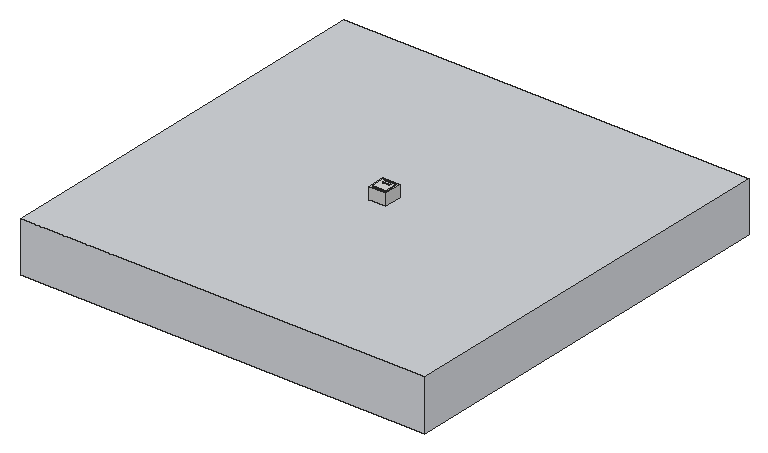
Revit family "Greg- Junction Box- Surface (elev)", category Electrical Equipment, host Face, Revit 2013
Parameters (values of type "Controls (small)")
  Width = 0' - 4"
  Voltage = ""
  Panel Voltage = 120 V
  Number of Poles = 2
  New is 1  Existing is 2 [instance] = 1
  New (N)  Existing (E) [instance] = if(New is 1  Existing is 2 = 1, "(N)", "(E)")  # "(N)"
  built-in parameter 1140081 [instance] = "Surface"
  built-in parameter 1140079 [instance] = 12
  Material = Aluminum 3003-H12
  built-in parameter 1140082 [instance] = 400 (stored number, unit not read)
  built-in parameter 1140140 = 400 (stored number, unit not read)
  Load Classification = Other
  Height = 0' - 4"
  Equip Type [instance] = "Junction Box"
  Equip Rating [instance] = "20A"
  Equip New or Existing [instance] = if(New is 1  Existing is 2 = 1, "NEW", "EXISTING")  # "NEW"
  Equip ID [instance] = "JB-"
  Depth = 0' - 2 3/4"
  Default Elevation = 0' - 0"
  Center Vertical [instance] = 0' - 1 3/4"
  Center Horizontal [instance] = 0' - 2"
  Above Room 'Limit Offset' (Elevation) [instance] = 0' - 0"
Types (6): name | Width | Voltage | New is 1  Existing is 2 | New (N)  Existing (E) | Load Classification | Height | Equip Type | Equip Rating | Equip New or Existing | Equip ID | Depth | Default Elevation | Center Vertical | Above Room 'Limit Offset' (Elevation)
  400A | 0' - 4" | "" | 1 | "(N)" | Other | 0' - 4" | "Junction Box" | "20A" | "NEW" | "JB-" | 0' - 2 3/4" | 1' - 0" | 0' - 1 3/4" | 0' - 0"
  MBS (small) | 1' - 8" | "" | 0 | "(E)" | Other | 1' - 8" | "" | "" | "EXISTING" | "" | 0' - 5 3/4" | 4' - 0" | 0' - 2.05721" | 1' - 0"
  Landing Cabinet / Chase | 4' - 8" | "" | 0 | "(E)" | Power | 1' - 0" | "" | "" | "EXISTING" | "" | 0' - 5 3/4" | 2' - 0" | 0' - 2.05721" | 1' - 0"
  Controls (small) | 0' - 4" | "" | 1 | "(N)" | Other | 0' - 4" | "Junction Box" | "20A" | "NEW" | "JB-" | 0' - 2 3/4" | 0' - 0" | 0' - 1 3/4" | 0' - 0"
  Panel- Recessed | 1' - 8" | "400" | 1 | "(N)" | Power | 3' - 5" | "" | "" | "NEW" | "" | 0' - 0 1/8" | 4' - 0" | 0' - 2.05721" | 1' - 0"
  400A 5 3/4" Deep | 0' - 8" | "400" | 1 | "(N)" | Power | 0' - 8" | "" | "" | "NEW" | "" | 0' - 5 3/4" | 4' - 0" | 0' - 2.05721" | 1' - 0"
Reference planes (in)
  plane 1 "Center (Front/Back)": y = 0
  plane 2: z = 0
  plane 3 "Center (Left/Right)": x = 0
  plane 4: x = -2
  plane 5: x = 2
  plane 6: y = -2
  plane 7: z = 2.75
  plane 8: x = 0
  plane 9: y = 0
  plane 10: y = 2
  plane 11: y = 1.49546
  plane 12: y = 1.16905
  plane 13: y = 0.59375
  plane 14: x = 0.75
  plane 15: x = 1.56273
  plane 16: x = -1.56273
  plane 17: x = -0.75
Forms (in)
  Extrusion 1, solid
    sketch origin (0, 0, 0) x (1, 0, 0) y (0, 1, 0)
      loop
        line (-48, 48) -> (-48, -48) -> (48, -48) -> (48, 48) -> (-48, 48)
    from 0 to -12
  Extrusion 2, solid, material "Aluminum 3003-H12" <- "Material"
    sketch origin (0, 0, 0) x (1, 0, 0) y (0, 1, 0)
      loop
        line (-2, -2) -> (2, -2) -> (2, 2) -> (-2, 2) -> (-2, -2)
    from 0 to 2.75
  Extrusion 3, solid, material "Color- Elec Cabinet Gray"
    sketch origin (0, 15.00454, 0) x (1, 0, 0) y (0, 1, 0)
      loop
        line (-1.56273, -13.50908) -> (-1.56273, -16.57597) -> (1.56273, -16.57597) -> (1.56273, -13.50908) -> (-1.56273, -13.50908)
    from 2.75 to 2.90243
  Extrusion 4, solid
    sketch origin (0.25, 15.3896, -0.25) x (1, 0, 0) y (0, 0, 1)
      loop
        line (0.5, 3.25) -> (-0.97722, 3.25) -> (-0.97722, 3.15243) -> (0.5, 3.15243) -> (0.5, 3.25)
    from 14.22055 to 14.79585
Dimensions and locks (in)
  "Width": plane 4 to plane 5
  "Depth": plane 7 to plane 2
  plane 4 to plane 8 = 0' - 2"
  equal spacing: plane 10, plane 9, plane 6
  equal spacing: plane 4, plane 3 "Center (Left/Right)", plane 5
  "Height": plane 10 to plane 6
  locked: plane 10 to plane 11 at 0.50454
  locked: plane 11 to plane 12 at 0.32641
  locked: plane 13 to plane 12 at 0.5753
  equal spacing: plane 17, plane 3 "Center (Left/Right)", plane 14
  equal spacing: plane 16, plane 3 "Center (Left/Right)", plane 15
  locked: plane 15 to plane 5 at 0.43727
  locked: plane 14 to plane 5 at 1.25
  locked: Extrusion 3 to Extrusion 3 at 0.15243
  "Above Room 'Limit Offset' (Elevation)": plane 9 to plane 1 "Center (Front/Back)"
  aligned and locked: plane 2 to Extrusion 1
  aligned and locked: level to Extrusion 1
  aligned and locked: Extrusion 2 to plane 4
  aligned and locked: plane 5 to Extrusion 2
  aligned and locked: plane 7 to Extrusion 2
  aligned and locked: plane 10 to Extrusion 2
  aligned and locked: Extrusion 2 to plane 6
  aligned and locked: plane 11 to Extrusion 3
  aligned and locked: plane 12 to Extrusion 4
  aligned and locked: plane 13 to Extrusion 4
  aligned and locked: plane 14 to Extrusion 4
  aligned and locked: plane 15 to Extrusion 3
  aligned and locked: plane 16 to Extrusion 3
  aligned and locked: Extrusion 3 to Extrusion 2
Automatic sketch dimensions
  Extrusion 1 sketch curve to Extrusion 1 sketch curve = 8' - 0"  (x2)
  Extrusion 2 sketch curve to plane 4 = 0' - 0"
  Extrusion 2 sketch curve to plane 5 = 0' - 0"
  Extrusion 2 sketch curve to plane 6 = 0' - 0"
  Extrusion 2 sketch curve to plane 10 = 0' - 0"
  Extrusion 3 sketch curve to plane 11 = 0' - 0"
  plane 4 to Extrusion 3 sketch curve = 0' - 0.43727"
  plane 6 to Extrusion 3 sketch curve = 0' - 0.42856"
  Extrusion 3 sketch curve to plane 5 = 0' - 0.43727"
  plane 7 to Extrusion 4 sketch curve = 0' - 0 1/4"
  plane 4 to Extrusion 4 sketch curve = 0' - 1.27278"
  plane 7 to Extrusion 4 sketch curve = 0' - 0.15243"
  Extrusion 4 sketch curve to Extrusion 4 sketch curve = 0' - 1.47722"
Connectors (in)
  cabletrayconduit at (0, -2, 1.375)
    settings: on Extrusion 2, index 7, connector width 1' - 0", connector height 1' - 0", connector radius 1' - 0", connector angle 0.00°, system type 32, placement type 1, profile type 0, connector reference index -1, is primary connector yes, connector utility param no, connector description ""
  cabletrayconduit at (2, 0, 1.375)
    settings: on Extrusion 2, index 8, connector width 1' - 0", connector height 1' - 0", connector radius 1' - 0", connector angle 0.00°, system type 32, placement type 1, profile type 0, connector reference index -1, is primary connector no, connector utility param no, connector description ""
  cabletrayconduit at (-2, 0, 1.375)
    settings: on Extrusion 2, index 9, connector width 1' - 0", connector height 1' - 0", connector radius 1' - 0", connector angle 0.00°, system type 32, placement type 1, profile type 0, connector reference index -1, is primary connector no, connector utility param no, connector description ""
  cabletrayconduit at (0, 2, 1.375)
    settings: on Extrusion 2, index 10, connector width 1' - 0", connector height 1' - 0", connector radius 1' - 0", connector angle 0.00°, system type 32, placement type 0, profile type 0, connector reference index -1, is primary connector no, connector utility param no, connector description ""
